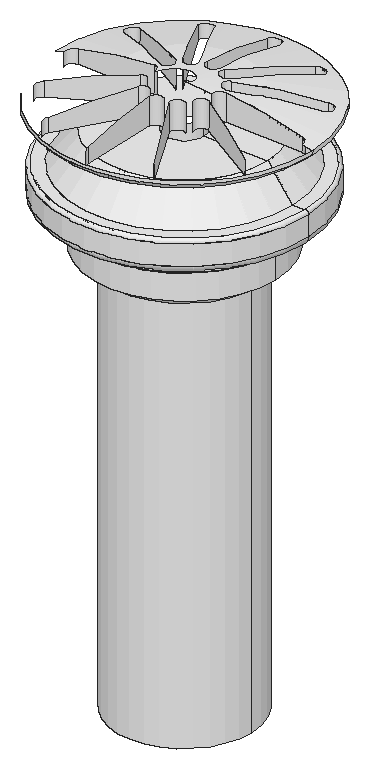
Revit family "Grid_Drain-DXV-Oak_Hill-D35155460_Series", category Plumbing Fixtures, Revit 2019
Family settings
  Round Connector Dimension = Use Diameter
  Part Type = Normal
  OmniClass Number = 23.70.50.21.24
  OmniClass Title = Waste Water Drains
  Work Plane-Based = Yes
  Always vertical = No
  Cut with Voids When Loaded = No
  Shared = Yes
  Room Calculation Point = No
Parameters (values of type "D35155460.100")
  Width = 2 3/8"
  Waste Connection Radius = 5/8"
  Waste Connection Diameter = Waste Connection Radius * 2  # 1 1/4"
  Waste Connection = yes
  Vent Connection = no
  URL = "https://www.dxv.com/en"
  Product Page URL = ""
  Product Documentation Link = ""
  Price = "Prices may vary. Please consult Manufacturer Representative for most up-to-date price list."  # constant formula
  Model = "D35155460.100"
  Material = "Brass-DXV-100-Polished Chrome"
  Manufacturer = "DXV"
  Length (5-3/16" to 7-11/16") [instance] = 5 3/16"
  Length [instance] = if([Length (5-3/16" to 7-11/16")] < 5 3/16", 5 3/16", if([Length (5-3/16" to 7-11/16")] > 7 11/16", 7 11/16", [Length (5-3/16" to 7-11/16")]))  # 5 3/16"
  HW Connection = no
  Finish = Brass-DXV-100-Polished Chrome
  Description = "Grid Drain"
  Default Elevation = 0"
  Creation Date = "1/20/2021"
  CW Connection = no
  Assembly Code = "D2030"
Types (5): name | Model | Material | Finish
  (no name) | "D35155460.100" | "Brass-DXV-100-Polished Chrome" | Brass-DXV-100-Polished Chrome
  D35155460.100 | "D35155460.100" | "Brass-DXV-100-Polished Chrome" | Brass-DXV-100-Polished Chrome
  D35155460.144 | "D35155460.144" | "Brass-DXV-144-Brushed Nickel" | Brass-DXV-144-Brushed Nickel
  D35155460.150 | "D35155460.150" | "Brass-DXV-150-Platinum Nickel" | Brass-DXV-150-Platinum Nickel
  D35155460.427 | "D35155460.427" | "Brass-DXV-427-Satin Brass" | Brass-DXV-427-Satin Brass
Reference planes (in)
  plane 1 "Center (Front/Back)": y = 0
  plane 2: z = 0
  plane 3 "Center (Left/Right)": x = 0
  plane 4: z = -4.98983
  plane 5: x = -1.1875
  plane 6: x = 1.1875
  plane 7: x = -0.625
  plane 8: x = 0.625
  plane 9: z = 0.19767
  plane 10: through (0, 0, 48) normal (-0.5, 0.866, 0)
  plane 11: through (0, 0, 48) normal (-0.866, 0.5, 0)
  plane 12: through (0, 0, 48) normal (-0.5, -0.866, 0)
  plane 13: through (0, 0, 48) normal (-0.866, -0.5, 0)
Forms (in)
  Revolve 1, solid, material "Brass-DXV-100-Polished Chrome" <- "Finish"
    sketch origin (0, 0, 0) x (1, 0, 0) y (0, 0, 1)
      loop
        line (0, -4.98983) -> (0, 0.19767)
        arc (0, 0.19767) -> (-0.59955, 0.15586) -> (-1.1875, 0.03125) r 4.32006
        line (-1.1875, 0.03125) -> (-1.1875, 0) -> (-1.12561, -0.05573) -> (-0.18103, -0.05573) -> (-0.18103, -0.1964) -> (-0.77047, -0.1964) -> (-1.00875, -0.48037) -> (-1.11709, -0.48037)
        arc (-1.11709, -0.48037) -> (-1.13919, -0.48953) -> (-1.14834, -0.51162) r 0.03125
        line (-1.14834, -0.51162) -> (-1.14834, -0.69821)
        arc (-1.14834, -0.69821) -> (-1.13004, -0.7424) -> (-1.08584, -0.76071) r 0.0625
        line (-1.08584, -0.76071) -> (-0.93316, -0.76071) -> (-0.93316, -0.87055) -> (-0.84715, -0.92223) -> (-0.84715, -1.15665) -> (-0.75161, -1.15665) -> (-0.75161, -1.20825) -> (-0.7219, -1.24386) -> (-0.625, -1.24386) -> (-0.625, -4.98983) -> (0, -4.98983)
      axis (0, 0.19767) -> (0, -4.98983)
    angle from 0 to 360
  Extrusion 2, void
    sketch origin (0, 0, 0) x (1, 0, 0) y (0, 1, 0)
      loop
        arc (0.57298, 0.86743) -> (0.55011, 0.95281) -> (0.46473, 0.92993) r 0.0625
        line (0.46473, 0.92993) -> (0.11293, 0.32061)
        arc (0.11293, 0.32061) -> (0.13581, 0.23523) -> (0.22119, 0.25811) r 0.0625
        line (0.22119, 0.25811) -> (0.57298, 0.86743)
      loop
        arc (0.0625, 1.03771) -> (0, 1.10021) -> (-0.0625, 1.03771) r 0.0625
        line (-0.0625, 1.03771) -> (-0.0625, 0.33412)
        arc (-0.0625, 0.33412) -> (0, 0.27162) -> (0.0625, 0.33412) r 0.0625
        line (0.0625, 0.33412) -> (0.0625, 1.03771)
      loop
        arc (-0.46473, 0.92993) -> (-0.55011, 0.95281) -> (-0.57298, 0.86743) r 0.0625
        line (-0.57298, 0.86743) -> (-0.22119, 0.25811)
        arc (-0.22119, 0.25811) -> (-0.13581, 0.23523) -> (-0.11293, 0.32061) r 0.0625
        line (-0.11293, 0.32061) -> (-0.46473, 0.92993)
      loop
        arc (-0.86743, 0.57298) -> (-0.95281, 0.55011) -> (-0.92993, 0.46473) r 0.0625
        line (-0.92993, 0.46473) -> (-0.32061, 0.11293)
        arc (-0.32061, 0.11293) -> (-0.23523, 0.13581) -> (-0.25811, 0.22119) r 0.0625
        line (-0.25811, 0.22119) -> (-0.86743, 0.57298)
      loop
        arc (0.46473, -0.92993) -> (0.55011, -0.95281) -> (0.57298, -0.86743) r 0.0625
        line (0.57298, -0.86743) -> (0.22119, -0.25811)
        arc (0.22119, -0.25811) -> (0.13581, -0.23523) -> (0.11293, -0.32061) r 0.0625
        line (0.11293, -0.32061) -> (0.46473, -0.92993)
      loop
        arc (0.86743, -0.57298) -> (0.95281, -0.55011) -> (0.92993, -0.46473) r 0.0625
        line (0.92993, -0.46473) -> (0.32061, -0.11293)
        arc (0.32061, -0.11293) -> (0.23523, -0.13581) -> (0.25811, -0.22119) r 0.0625
        line (0.25811, -0.22119) -> (0.86743, -0.57298)
      loop
        arc (1.03771, -0.0625) -> (1.10021, 0) -> (1.03771, 0.0625) r 0.0625
        line (1.03771, 0.0625) -> (0.33412, 0.0625)
        arc (0.33412, 0.0625) -> (0.27162, 0) -> (0.33412, -0.0625) r 0.0625
        line (0.33412, -0.0625) -> (1.03771, -0.0625)
      loop
        arc (0.92993, 0.46473) -> (0.95281, 0.55011) -> (0.86743, 0.57298) r 0.0625
        line (0.86743, 0.57298) -> (0.25811, 0.22119)
        arc (0.25811, 0.22119) -> (0.23523, 0.13581) -> (0.32061, 0.11293) r 0.0625
        line (0.32061, 0.11293) -> (0.92993, 0.46473)
      loop
        arc (-1.03771, 0.0625) -> (-1.10021, 0) -> (-1.03771, -0.0625) r 0.0625
        line (-1.03771, -0.0625) -> (-0.33412, -0.0625)
        arc (-0.33412, -0.0625) -> (-0.27162, 0) -> (-0.33412, 0.0625) r 0.0625
        line (-0.33412, 0.0625) -> (-1.03771, 0.0625)
      loop
        arc (-0.92993, -0.46473) -> (-0.95281, -0.55011) -> (-0.86743, -0.57298) r 0.0625
        line (-0.86743, -0.57298) -> (-0.25811, -0.22119)
        arc (-0.25811, -0.22119) -> (-0.23523, -0.13581) -> (-0.32061, -0.11293) r 0.0625
        line (-0.32061, -0.11293) -> (-0.92993, -0.46473)
      loop
        arc (-0.57298, -0.86743) -> (-0.55011, -0.95281) -> (-0.46473, -0.92993) r 0.0625
        line (-0.46473, -0.92993) -> (-0.11293, -0.32061)
        arc (-0.11293, -0.32061) -> (-0.13581, -0.23523) -> (-0.22119, -0.25811) r 0.0625
        line (-0.22119, -0.25811) -> (-0.57298, -0.86743)
      loop
        arc (-0.0625, -1.03771) -> (0, -1.10021) -> (0.0625, -1.03771) r 0.0625
        line (0.0625, -1.03771) -> (0.0625, -0.33412)
        arc (0.0625, -0.33412) -> (0, -0.27162) -> (-0.0625, -0.33412) r 0.0625
        line (-0.0625, -0.33412) -> (-0.0625, -1.03771)
    from -0.1964 to 0.19767
Cuts and joins
  Extrusion 2 cuts Revolve 1
Lines and regions (in)
  Masking region 1
    outline origin (0, 0, 0) x (1, 0, 0) y (0, 1, 0)
      loop
        circle (0, 0) r 1.1875
  symbolic lines, detail levels medium+fine
    curve 1: line (-0.25811, 0.22119, 0) -> (-0.86743, 0.57298, 0)
    curve 2: line (-0.92993, 0.46473, 0) -> (-0.32061, 0.11293, 0)
    curve 3: arc (-0.86743, 0.57298, 0) -> (-0.95281, 0.55011, 0) -> (-0.92993, 0.46473, 0) r 0.0625
    curve 4: arc (-0.32061, 0.11293, 0) -> (-0.23523, 0.13581, 0) -> (-0.25811, 0.22119, 0) r 0.0625
    curve 5: line (-0.33412, 0.0625, 0) -> (-1.03771, 0.0625, 0)
    curve 6: line (-1.03771, -0.0625, 0) -> (-0.33412, -0.0625, 0)
    curve 7: arc (-1.03771, 0.0625, 0) -> (-1.10021, 0, 0) -> (-1.03771, -0.0625, 0) r 0.0625
    curve 8: arc (-0.33412, -0.0625, 0) -> (-0.27162, 0, 0) -> (-0.33412, 0.0625, 0) r 0.0625
    curve 9: arc (-0.25811, -0.22119, 0) -> (-0.23523, -0.13581, 0) -> (-0.32061, -0.11293, 0) r 0.0625
    curve 10: line (-0.32061, -0.11293, 0) -> (-0.92993, -0.46473, 0)
    curve 11: line (-0.86743, -0.57298, 0) -> (-0.25811, -0.22119, 0)
    curve 12: arc (-0.92993, -0.46473, 0) -> (-0.95281, -0.55011, 0) -> (-0.86743, -0.57298, 0) r 0.0625
    curve 13: line (-0.22119, -0.25811, 0) -> (-0.57298, -0.86743, 0)
    curve 14: line (-0.46473, -0.92993, 0) -> (-0.11293, -0.32061, 0)
    curve 15: arc (-0.11293, -0.32061, 0) -> (-0.13581, -0.23523, 0) -> (-0.22119, -0.25811, 0) r 0.0625
    curve 16: arc (-0.57298, -0.86743, 0) -> (-0.55011, -0.95281, 0) -> (-0.46473, -0.92993, 0) r 0.0625
    curve 17: arc (-0.0625, -1.03771, 0) -> (0, -1.10021, 0) -> (0.0625, -1.03771, 0) r 0.0625
    curve 18: line (-0.0625, -0.33412, 0) -> (-0.0625, -1.03771, 0)
    curve 19: arc (0.0625, -0.33412, 0) -> (0, -0.27162, 0) -> (-0.0625, -0.33412, 0) r 0.0625
    curve 20: line (0.0625, -1.03771, 0) -> (0.0625, -0.33412, 0)
    curve 21: line (0.11293, -0.32061, 0) -> (0.46473, -0.92993, 0)
    curve 22: line (0.57298, -0.86743, 0) -> (0.22119, -0.25811, 0)
    curve 23: arc (0.22119, -0.25811, 0) -> (0.13581, -0.23523, 0) -> (0.11293, -0.32061, 0) r 0.0625
    curve 24: arc (0.46473, -0.92993, 0) -> (0.55011, -0.95281, 0) -> (0.57298, -0.86743, 0) r 0.0625
    curve 25: arc (0.86743, -0.57298, 0) -> (0.95281, -0.55011, 0) -> (0.92993, -0.46473, 0) r 0.0625
    curve 26: line (0.25811, -0.22119, 0) -> (0.86743, -0.57298, 0)
    curve 27: line (0.92993, -0.46473, 0) -> (0.32061, -0.11293, 0)
    curve 28: arc (0.32061, -0.11293, 0) -> (0.23523, -0.13581, 0) -> (0.25811, -0.22119, 0) r 0.0625
    curve 29: line (0.33412, -0.0625, 0) -> (1.03771, -0.0625, 0)
    curve 30: line (1.03771, 0.0625, 0) -> (0.33412, 0.0625, 0)
    curve 31: arc (0.33412, 0.0625, 0) -> (0.27162, 0, 0) -> (0.33412, -0.0625, 0) r 0.0625
    curve 32: arc (1.03771, -0.0625, 0) -> (1.10021, 0, 0) -> (1.03771, 0.0625, 0) r 0.0625
    curve 33: line (0.32061, 0.11293, 0) -> (0.92993, 0.46473, 0)
    curve 34: line (0.86743, 0.57298, 0) -> (0.25811, 0.22119, 0)
    curve 35: arc (0.92993, 0.46473, 0) -> (0.95281, 0.55011, 0) -> (0.86743, 0.57298, 0) r 0.0625
    curve 36: arc (0.25811, 0.22119, 0) -> (0.23523, 0.13581, 0) -> (0.32061, 0.11293, 0) r 0.0625
    curve 37: arc (0.11293, 0.32061, 0) -> (0.13581, 0.23523, 0) -> (0.22119, 0.25811, 0) r 0.0625
    curve 38: line (0.46473, 0.92993, 0) -> (0.11293, 0.32061, 0)
    curve 39: line (0.22119, 0.25811, 0) -> (0.57298, 0.86743, 0)
    curve 40: arc (0.57298, 0.86743, 0) -> (0.55011, 0.95281, 0) -> (0.46473, 0.92993, 0) r 0.0625
    curve 41: line (0.0625, 0.33412, 0) -> (0.0625, 1.03771, 0)
    curve 42: line (-0.0625, 1.03771, 0) -> (-0.0625, 0.33412, 0)
    curve 43: arc (0.0625, 1.03771, 0) -> (0, 1.10021, 0) -> (-0.0625, 1.03771, 0) r 0.0625
    curve 44: arc (-0.0625, 0.33412, 0) -> (0, 0.27162, 0) -> (0.0625, 0.33412, 0) r 0.0625
    curve 45: arc (-0.22119, 0.25811, 0) -> (-0.13581, 0.23523, 0) -> (-0.11293, 0.32061, 0) r 0.0625
    curve 46: line (-0.57298, 0.86743, 0) -> (-0.22119, 0.25811, 0)
    curve 47: line (-0.11293, 0.32061, 0) -> (-0.46473, 0.92993, 0)
    curve 48: arc (-0.46473, 0.92993, 0) -> (-0.55011, 0.95281, 0) -> (-0.57298, 0.86743, 0) r 0.0625
  symbolic lines, detail levels fine
    curve 49: arc (1.00875, 0, 0) -> (1.00827, 0.03127, 0) -> (1.00681, 0.0625, 0) r 1.00875
    curve 50: arc (-1.00875, 0, 0) -> (-1.00827, -0.03127, 0) -> (-1.00681, -0.0625, 0) r 1.00875
    curve 51: arc (-1.00681, 0.0625, 0) -> (-1.00827, 0.03127, 0) -> (-1.00875, 0, 0) r 1.00875
    curve 52: arc (-0.90317, -0.44928, 0) -> (-0.8736, -0.50437, 0) -> (-0.84067, -0.55753, 0) r 1.00875
    curve 53: arc (-0.84067, 0.55753, 0) -> (-0.8736, 0.50437, 0) -> (-0.90317, 0.44928, 0) r 1.00875
    curve 54: arc (-0.44928, 0.90317, 0) -> (-0.50437, 0.8736, 0) -> (-0.55753, 0.84067, 0) r 1.00875
    curve 55: arc (0.0625, 1.00681, 0) -> (0, 1.00875, 0) -> (-0.0625, 1.00681, 0) r 1.00875
    curve 56: arc (0.55753, 0.84067, 0) -> (0.50437, 0.8736, 0) -> (0.44928, 0.90317, 0) r 1.00875
    curve 57: arc (0.90317, 0.44928, 0) -> (0.8736, 0.50437, 0) -> (0.84067, 0.55753, 0) r 1.00875
    curve 58: arc (1.00681, -0.0625, 0) -> (1.00827, -0.03127, 0) -> (1.00875, 0, 0) r 1.00875
    curve 59: arc (0.84067, -0.55753, 0) -> (0.8736, -0.50437, 0) -> (0.90317, -0.44928, 0) r 1.00875
    curve 60: arc (0.44928, -0.90317, 0) -> (0.50437, -0.8736, 0) -> (0.55753, -0.84067, 0) r 1.00875
    curve 61: arc (-0.0625, -1.00681, 0) -> (0, -1.00875, 0) -> (0.0625, -1.00681, 0) r 1.00875
    curve 62: arc (-0.55753, -0.84067, 0) -> (-0.50437, -0.8736, 0) -> (-0.44928, -0.90317, 0) r 1.00875
    curve 63: arc (-0.76793, 0.0625, 0) -> (-0.76984, 0.03128, 0) -> (-0.77047, 0, 0) r 0.77047
    curve 64: arc (-0.77047, 0, 0) -> (-0.76984, -0.03128, 0) -> (-0.76793, -0.0625, 0) r 0.77047
    curve 65: arc (-0.6338, 0.43809, 0) -> (-0.66725, 0.38524, 0) -> (-0.6963, 0.32984, 0) r 0.77047
    curve 66: arc (-0.32984, 0.6963, 0) -> (-0.38524, 0.66725, 0) -> (-0.43809, 0.6338, 0) r 0.77047
    curve 67: arc (0.0625, 0.76793, 0) -> (0, 0.77047, 0) -> (-0.0625, 0.76793, 0) r 0.77047
    curve 68: arc (0.43809, 0.6338, 0) -> (0.38524, 0.66725, 0) -> (0.32984, 0.6963, 0) r 0.77047
    curve 69: arc (0.6963, 0.32984, 0) -> (0.66725, 0.38524, 0) -> (0.6338, 0.43809, 0) r 0.77047
    curve 70: arc (0.77047, 0, 0) -> (0.76984, 0.03128, 0) -> (0.76793, 0.0625, 0) r 0.77047
    curve 71: arc (0.76793, -0.0625, 0) -> (0.76984, -0.03128, 0) -> (0.77047, 0, 0) r 0.77047
    curve 72: arc (0.6338, -0.43809, 0) -> (0.66725, -0.38524, 0) -> (0.6963, -0.32984, 0) r 0.77047
    curve 73: arc (0.32984, -0.6963, 0) -> (0.38524, -0.66725, 0) -> (0.43809, -0.6338, 0) r 0.77047
    curve 74: arc (-0.0625, -0.76793, 0) -> (0, -0.77047, 0) -> (0.0625, -0.76793, 0) r 0.77047
    curve 75: arc (-0.43809, -0.6338, 0) -> (-0.38524, -0.66725, 0) -> (-0.32984, -0.6963, 0) r 0.77047
    curve 76: arc (-0.6963, -0.32984, 0) -> (-0.66725, -0.38524, 0) -> (-0.6338, -0.43809, 0) r 0.77047
Dimensions and locks (in)
  equal spacing: plane 6, plane 3 "Center (Left/Right)", plane 5
  "Width": plane 6 to plane 5
  equal spacing: plane 8, plane 3 "Center (Left/Right)", plane 7
  "Waste Connection Diameter": plane 8 to plane 7
  plane 3 "Center (Left/Right)" to Revolve 1 sketch curve to Revolve 1 sketch curve to Revolve 1 sketch curve to Revolve 1 sketch curve to Revolve 1 sketch curve to Revolve 1 sketch curve to Revolve 1 sketch curve to Revolve 1 sketch curve to Revolve 1 sketch curve to Revolve 1 sketch curve = 0.18103" locked, 0.54087" locked, 0.02971" locked, 0.01886" locked, 0.07668" locked, 0.08601" locked, 0.07559" locked, 0.07709" locked, 1/32" locked, 1/32" locked
  level to Revolve 1 sketch curve to Revolve 1 sketch curve to Revolve 1 sketch curve to Revolve 1 sketch curve to Revolve 1 sketch curve to Revolve 1 sketch curve to Revolve 1 sketch curve to Revolve 1 sketch curve to Revolve 1 sketch curve to Revolve 1 sketch curve to Revolve 1 sketch curve = 0.05573" locked, 0.14067" locked, 0.28397" locked, 1/32" locked, 0.18659" locked, 1/16" locked, 0.10984" locked, 0.05168" locked, 0.23442" locked, 0.05159" locked, 2.91415" locked
  "Length": plane 9 to plane 4
  aligned and locked: Revolve 1 sketch curve to plane 3 "Center (Left/Right)"
  aligned and locked: plane 3 "Center (Left/Right)" to Revolve 1 sketch curve  (x2)
  aligned and locked: plane 5 to Revolve 1 sketch curve
  aligned and locked: Revolve 1 sketch curve to plane 7
  aligned and locked: Revolve 1 sketch curve to plane 4
  aligned and locked: Extrusion 2 to Revolve 1
  aligned and locked: plane 9 to Extrusion 2
  aligned and locked: Masking region 1 sketch curve to cut or joined group of Revolve 1, Extrusion 2  (x2)
  aligned and locked: curve 3 to cut or joined group of Revolve 1, Extrusion 2
  aligned and locked: curve 4 to cut or joined group of Revolve 1, Extrusion 2
  aligned and locked: curve 7 to cut or joined group of Revolve 1, Extrusion 2
  aligned and locked: curve 8 to cut or joined group of Revolve 1, Extrusion 2
  aligned and locked: curve 9 to cut or joined group of Revolve 1, Extrusion 2
  aligned and locked: curve 12 to cut or joined group of Revolve 1, Extrusion 2
  aligned and locked: curve 15 to cut or joined group of Revolve 1, Extrusion 2
  aligned and locked: curve 16 to cut or joined group of Revolve 1, Extrusion 2
  aligned and locked: curve 17 to cut or joined group of Revolve 1, Extrusion 2
  aligned and locked: curve 19 to cut or joined group of Revolve 1, Extrusion 2
  aligned and locked: curve 23 to cut or joined group of Revolve 1, Extrusion 2
  aligned and locked: curve 24 to cut or joined group of Revolve 1, Extrusion 2
  aligned and locked: curve 25 to cut or joined group of Revolve 1, Extrusion 2
  aligned and locked: curve 28 to cut or joined group of Revolve 1, Extrusion 2
  aligned and locked: curve 31 to cut or joined group of Revolve 1, Extrusion 2
  aligned and locked: curve 32 to cut or joined group of Revolve 1, Extrusion 2
  aligned and locked: curve 35 to cut or joined group of Revolve 1, Extrusion 2
  aligned and locked: curve 36 to cut or joined group of Revolve 1, Extrusion 2
  aligned and locked: curve 37 to cut or joined group of Revolve 1, Extrusion 2
  aligned and locked: curve 40 to cut or joined group of Revolve 1, Extrusion 2
  aligned and locked: curve 43 to cut or joined group of Revolve 1, Extrusion 2
  aligned and locked: curve 44 to cut or joined group of Revolve 1, Extrusion 2
  aligned and locked: curve 45 to cut or joined group of Revolve 1, Extrusion 2
  aligned and locked: curve 48 to cut or joined group of Revolve 1, Extrusion 2
  aligned and locked: curve 63 to cut or joined group of Revolve 1, Extrusion 2
  aligned and locked: curve 65 to cut or joined group of Revolve 1, Extrusion 2
  aligned and locked: curve 66 to cut or joined group of Revolve 1, Extrusion 2
  aligned and locked: curve 67 to cut or joined group of Revolve 1, Extrusion 2
  aligned and locked: curve 68 to cut or joined group of Revolve 1, Extrusion 2
  aligned and locked: curve 69 to cut or joined group of Revolve 1, Extrusion 2
  aligned and locked: curve 70 to cut or joined group of Revolve 1, Extrusion 2
  aligned and locked: curve 71 to cut or joined group of Revolve 1, Extrusion 2
  aligned and locked: curve 72 to cut or joined group of Revolve 1, Extrusion 2
  aligned and locked: curve 73 to cut or joined group of Revolve 1, Extrusion 2
  aligned and locked: curve 74 to cut or joined group of Revolve 1, Extrusion 2
  aligned and locked: curve 76 to cut or joined group of Revolve 1, Extrusion 2
Automatic sketch dimensions
  Revolve 1 sketch curve to level = 0"
  Revolve 1 sketch curve to plane 9 = 0"
  plane 5 to Revolve 1 sketch curve = 0.06189"
  Revolve 1 sketch curve to Revolve 1 sketch curve = 0.03562"
  Revolve 1 sketch curve to plane 4 = 1.59922"
  Revolve 1 sketch curve to Revolve 1 sketch curve = 0.84658"
  plane 1 "Center (Front/Back)" to Extrusion 2 sketch curve = 0"  (x2)
  Extrusion 2 sketch curve to plane 10 = 0"  (x4)
  Extrusion 2 sketch curve to plane 12 = 0"  (x4)
  Extrusion 2 sketch curve to plane 13 = 0"  (x4)
  Extrusion 2 sketch curve to plane 11 = 0"  (x4)
  Extrusion 2 sketch curve to plane 3 "Center (Left/Right)" = 0"  (x2)
  Extrusion 2 sketch curve to Extrusion 2 sketch curve = 1/16"
  Extrusion 2 sketch curve to plane 3 "Center (Left/Right)" = 1/16"
  Extrusion 2 sketch curve to Extrusion 2 sketch curve = 0.05043"  (x6)
  Extrusion 2 sketch curve to Extrusion 2 sketch curve = 0.05413"  (x16)
  Extrusion 2 sketch curve to Extrusion 2 sketch curve = 0.03692"  (x6)
  Extrusion 2 sketch curve to Extrusion 2 sketch curve = 1/32"  (x20)
  Extrusion 2 sketch curve to plane 1 "Center (Front/Back)" = 0.11293"  (x2)
  plane 1 "Center (Front/Back)" to Extrusion 2 sketch curve = 0.11293"  (x2)
  Extrusion 2 sketch curve to Extrusion 2 sketch curve = 0.01351"  (x5)
  plane 7 to Extrusion 2 sketch curve = 0.16027"  (x2)
  plane 7 to Extrusion 2 sketch curve = 0.05202"  (x2)
  Extrusion 2 sketch curve to plane 7 = 0.24243"  (x2)
  plane 5 to Extrusion 2 sketch curve = 0.14979"
  plane 8 to Extrusion 2 sketch curve = 0.16027"  (x2)
  plane 8 to Extrusion 2 sketch curve = 0.05202"  (x2)
  Extrusion 2 sketch curve to plane 8 = 0.24243"  (x2)
  plane 6 to Extrusion 2 sketch curve = 0.14979"
  Extrusion 2 sketch curve to Extrusion 2 sketch curve = 0.10778"  (x2)
  Extrusion 2 sketch curve to Extrusion 2 sketch curve = 0.04476"
  curve 49 to curve 50 = 0"  (x2)
  curve 49 to curve 51 = 0"
  curve 49 to curve 52 = 0"  (x2)
  curve 49 to curve 53 = 0"  (x2)
  curve 49 to curve 54 = 0"  (x2)
  curve 49 to curve 55 = 0"  (x2)
  curve 49 to curve 56 = 0"  (x2)
  curve 49 to curve 57 = 0"  (x2)
  curve 49 to curve 58 = 0"
  curve 49 to curve 59 = 0"  (x2)
  curve 49 to curve 60 = 0"  (x2)
  curve 49 to curve 61 = 0"  (x2)
  curve 49 to curve 62 = 0"  (x2)
  curve 2 to curve 3 = 1/32"
  curve 10 to curve 12 = 1/32"
  curve 3 to curve 1 = 1/32"
  curve 12 to curve 11 = 1/32"
  plane 7 to curve 46 = 0.05202"
  plane 7 to curve 13 = 0.05202"
  curve 16 to curve 14 = 0.05413"
  curve 48 to curve 47 = 0.05413"
  plane 1 "Center (Front/Back)" to curve 10 = 0.11293"
  curve 2 to plane 1 "Center (Front/Back)" = 0.11293"
  plane 1 "Center (Front/Back)" to curve 11 = 0.22119"
  curve 1 to plane 1 "Center (Front/Back)" = 0.22119"
  curve 11 to curve 13 = 0.03692"
  curve 4 to curve 46 = 0.03692"
  curve 47 to curve 44 = 0.05043"
  curve 14 to curve 18 = 0.05043"
  curve 19 to curve 21 = 0.05043"
  curve 41 to curve 38 = 0.05043"
  curve 37 to curve 39 = 0.05413"
  curve 23 to curve 22 = 0.05413"
  plane 1 "Center (Front/Back)" to curve 26 = 0.22119"
  curve 34 to plane 1 "Center (Front/Back)" = 0.22119"
  plane 1 "Center (Front/Back)" to curve 27 = 0.11293"
  curve 33 to plane 1 "Center (Front/Back)" = 0.11293"
  curve 38 to curve 40 = 0.05413"
  curve 21 to curve 24 = 0.05413"
  plane 8 to curve 22 = 0.05202"
  plane 8 to curve 39 = 0.05202"
  curve 26 to curve 25 = 1/32"
  curve 34 to curve 35 = 1/32"
  curve 35 to curve 33 = 1/32"
  curve 25 to curve 27 = 1/32"
  curve 7 to curve 50 = 0.02896"
  curve 12 to curve 52 = 0.02676"
  curve 2 to curve 53 = 0.02676"
  curve 46 to curve 54 = 0.01545"
  curve 13 to curve 62 = 0.01545"
  curve 60 to curve 24 = 0.01545"
  curve 56 to curve 40 = 0.01545"
  curve 57 to curve 34 = 0.02676"
  curve 59 to curve 25 = 0.02676"
  curve 58 to curve 32 = 0.0309"
  curve 17 to curve 61 = 0.0309"
  curve 55 to curve 42 = 0.0309"
  curve 49 to curve 64 = 0"
  plane 1 "Center (Front/Back)" to curve 64 = 0"
  curve 49 to curve 75 = 0"  (x2)
  plane 7 to curve 75 = 0.18691"
  curve 49 to curve 76 = 0"  (x2)
Connectors (in)
  piping at (0, 0, -4.98983), diameter 1.25, driven by "Waste Connection Diameter"
    settings: on cut or joined group of Revolve 1, Extrusion 2, index 1, connector inside diameter 24", connector length 0", flow factor 0, pipe flow 0 GPM, pressure drop 0.00 psi, fitting loss kfactor 0, connector angle 0.00°, fixture units 0, engagement length 0", angle of deflection 0.00°, flow configuration 0, flow direction 2, fitting loss method 0, system type 16, joint type 0, gender type 0, connector reference index -1, connector utility 0, adjustable connector no, is connector primary yes, connector description "1 1/4\" Sanitary Outlet Connection"
